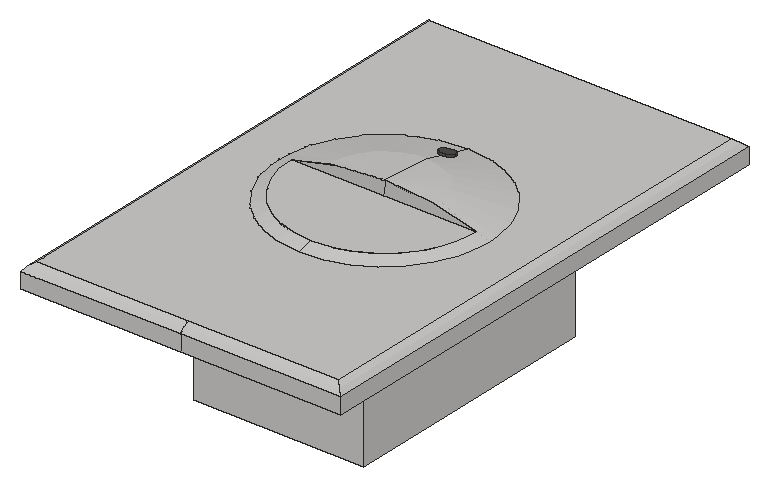
Revit family "NW", category Lighting Fixtures, host Face, Revit 2014
Parameters (values of type "NW-V")
  Width = 5.39"
  Wattage Comments = "2W"
  Wattage = 9.2903 W
  Warranty Notes = "https://hubbellcdn.com/warranty/Hubbell%20Lighting%20Indoor%20Limited%20Warranty%20-%2030%20Jan%202015.pdf"
  Warranty = "• 5 year warranty. Please consult\r\nfactory for details"
  built-in parameter 1150110 = 1 (stored number, unit not read)
  URL = "https://www.hubbell.com/hubbellhealthcaresolutions/en"
  Type Comments = "Light Fixture"  # constant formula
  built-in parameter 1114217 = 1 (stored number, unit not read)
  Tilt Angle = 60.00°
  built-in parameter 1150109 = 1 (stored number, unit not read)
  built-in parameter 1150134 = 3
  built-in parameter 1150113 = 1 (stored number, unit not read)
  Steel = Metal-Hubbell-Galvanized_Steel
  Radius = 3.35275"
  Product Page URL = "https://www.hubbell.com/hubbellhealthcaresolutions/en/Products/Lighting-Controls/Commercial-Indoor-Lighting/Wall-Mount/Niteway/p/2477162"
  Product Doucumentation Link = "https://hubbellcdn.com/specsheet/HHS0029_NITEWAY_SPEC.pdf"
  Photometric Web File = "generic"
  built-in parameter 1150142 = (empty or 0)
  Model = "Niteway"  # constant formula
  Manufacturer = "Healthcare Solutions A unit of Hubbell Lighting"  # constant formula
  built-in parameter 1150105 = 109.82 (stored number, unit not read)
  Lumens = 1380 lm
  built-in parameter 1150115 = 1 (stored number, unit not read)
  built-in parameter 1150137 = (empty or 0)
  built-in parameter 1150139 = (empty or 0)
  Length = 3.39"
  built-in parameter 1150112 = 1 (stored number, unit not read)
  built-in parameter 1150114 = 1 (stored number, unit not read)
  Lamp = "LED"  # constant formula
  Inner Width = 2.80"
  Inner Length = 1.80"
  built-in parameter 1150132 = (empty or 0)
  built-in parameter 1150102 = (empty or 0)
  built-in parameter 1150107 = 3200 (stored number, unit not read)
  built-in parameter 1150138 = (empty or 0)
  built-in parameter 1150106 = 1.0982 (stored number, unit not read)
  built-in parameter 1150104 = 13.8 (stored number, unit not read)
  Dimming Lamp Color Temperature Shift = <None>
  Color Filter = 16777215
  Certification = "UL924 Damp Listed, NFPA 101 and NFPA 70"
  Glass = Glass - Hubbell - White
  Features = "Simple, low-profile form is architecturally-pleasing and can easily be cleaned.\r\nAvailable in either a vertical or horizontal orientation and with either white or amber LEDs.\r\nNo visibly exposed fasteners.\r\nRated for wet location environments.\r\nStandard antimicrobial finish available in three standard colors.\r\nAvailable with optional photocell control."  # constant formula
  Description = "The NiteWay™ patient room night light is the ideal choice for the demands ofhealthcare environments. It combines an aesthetically pleasing form with lowglare performance, rugged durability and water-tight construction. NiteWay is alsosuitable for commercial, hospitality and residential applications."  # constant formula
  Default Elevation = 48.00"
  Copyrights = "© Hubbell Lighting, Inc"
  Contact Us = "https://www.hubbell.com/hubbellhealthcaresolutions/en/contactUs?productId=2477162"
  Body = Paint - Hubbell - Black Matte Textured
  built-in parameter 1114218 = 1 (stored number, unit not read)
  built-in parameter 1150133 = 10 (stored number, unit not read)
  Apparent Load = 2 VA
Types (3): name | Width | Length | Inner Width | Inner Length
  (no name) | 5.39" | 3.39" | 2.80" | 1.80"
  NW-H | 3.39" | 5.39" | 1.80" | 2.80"
  NW-V | 5.39" | 3.39" | 2.80" | 1.80"
Reference planes (in)
  plane 1 "Center (Front/Back)": y = 0
  plane 2: z = 0
  plane 3 "Center (Left/Right)": x = 0
  plane 4: x = -1.695
  plane 5: x = 1.695
  plane 6: y = 2.695
  plane 7: y = -2.695
  plane 8: z = 6.84155
  plane 9: y = -1.4
  plane 10: y = 1.4
  plane 11: x = -0.9
  plane 12: x = 0.9
Forms (in)
  Extrusion 1, solid, material "Metal-Hubbell-Galvanized_Steel" <- "Steel"
    sketch origin (0, 0, 0) x (1, 0, 0) y (0, 1, 0)
      loop
        line (-1.695, 2.695) -> (-1.695, -2.695) -> (0, -2.695) -> (1.695, -2.695) -> (1.695, 2.695) -> (0, 2.695) -> (-1.695, 2.695)
    from 0 to 0.25
  Sweep 2, void
    path origin (0, 0, 0) x (1, 0, 0) y (0, 1, 0)
      loop
        line (1.695, -2.695) -> (1.695, 2.695) -> (0, 2.695) -> (-1.695, 2.695) -> (-1.695, -2.695) -> (0, -2.695) -> (1.695, -2.695)
    profile origin (1.695, 0, 0) x (-1, 0, 0) y (0, 0, 1)
      loop
        line (0, 0.25781) -> (0, 0.1656)
        arc (0, 0.1656) -> (0.04897, 0.21816) -> (0.10887, 0.25781) r 0.30518
        line (0.10887, 0.25781) -> (0, 0.25781)
  Revolve 3, solid, material "Metal-Hubbell-Galvanized_Steel" <- "Steel"
    sketch origin (0, 0, 0) x (0, 1, 0) y (0, 0, 1)
      loop
        line (0, 0.25) -> (1.11425, 0.25)
        arc (1.11425, 0.25) -> (0.5656, 0.39709) -> (0, 0.44946) r 3.35275
        line (0, 0.44946) -> (0, 0.25)
      axis (0, 0.44946) -> (0, 0.25)
    angle from 0 to 360
  Revolve 4, void
    sketch origin (0, 0, 0.04632) x (0, 1, 0) y (0, 0, 1)
      loop
        line (0, 0.25) -> (2.11425, 0.25)
        arc (2.11425, 0.25) -> (1.10591, 0.73554) -> (0, 0.9072) r 3.81048
        line (0, 0.9072) -> (0, 0.25)
      axis (0, 0.9072) -> (0, 0.25)
    angle from 90.06 to 270.06
  Extrusion 5, solid, material "Paint - Hubbell - Black Matte Textured" <- "Body"
    sketch origin (0, -0.05632, 0.21121) x (1, 0, 0) y (0, 0.970356, -0.24168)
      loop
        circle (0, 0.83282) r 0.08019
    from 0.32825 to 0.34713
  Extrusion 6, solid, material "Metal-Hubbell-Galvanized_Steel" <- "Steel"
    sketch origin (0, 0, 0) x (1, 0, 0) y (0, 1, 0)
      loop
        line (-0.9, 1.4) -> (-0.9, -1.4) -> (0.9, -1.4) -> (0.9, 1.4) -> (-0.9, 1.4)
    from 0 to -1.34
Cuts and joins
  Sweep 2 cuts Extrusion 1
  Revolve 4 cuts Revolve 3
  joined: Extrusion 1, Revolve 3
Dimensions and locks (in)
  plane 8 to level = 6.84155"
  plane 6 to plane 7 = 5.39"
  plane 7 to plane 6 = 5.39"
  "Length": plane 4 to plane 5
  "Width": plane 7 to plane 6
  equal spacing: plane 7, plane 1 "Center (Front/Back)", plane 6
  equal spacing: plane 4, plane 3 "Center (Left/Right)", plane 5
  Revolve 3 sketch curve to level = 0.25"
  locked: Revolve 3 sketch curve to Revolve 3 sketch curve at 0.19946
  "Inner Length": plane 11 to plane 12
  equal spacing: plane 11, plane 3 "Center (Left/Right)", plane 12
  equal spacing: plane 9, plane 1 "Center (Front/Back)", plane 10
  "Inner Width": plane 9 to plane 10
  "Radius": radius of Revolve 3 sketch curve
  aligned and locked: plane 2 to host face
  aligned and locked: level to host face
Automatic sketch dimensions
  host sketch curve to host sketch curve = 96.00"  (x2)
  Extrusion 1 sketch curve to plane 4 = 0.00"
  Extrusion 1 sketch curve to plane 3 "Center (Left/Right)" = 0.00"  (x2)
  Extrusion 1 sketch curve to plane 5 = 0.00"
  plane 7 to Extrusion 1 sketch curve = 0.00"
  plane 6 to Extrusion 1 sketch curve = 0.00"
  Sweep 2 sketch curve to plane 4 = 0.00"
  Sweep 2 sketch curve to plane 3 "Center (Left/Right)" = 0.00"  (x2)
  Sweep 2 sketch curve to plane 5 = 0.00"
  plane 7 to Sweep 2 sketch curve = 0.00"
  plane 6 to Sweep 2 sketch curve = 0.00"
  Revolve 4 sketch curve to plane 1 "Center (Front/Back)" = 0.00"  (x2)
  plane 1 "Center (Front/Back)" to Revolve 4 sketch curve = 0.02517"
  level to Revolve 4 sketch curve = 0.29632"
  plane 6 to Revolve 4 sketch curve = 0.58075"
  Revolve 4 sketch curve to level = 2.85688"
  Revolve 4 sketch curve to Revolve 4 sketch curve = 3.00525"
  Revolve 4 sketch curve to plane 8 = 0.20368"
  Sweep 2 sketch curve to profile plane = 0.00"
  Sweep 2 sketch curve to Sweep 2 sketch curve = 0.10887"
  Sweep 2 sketch curve to level = 0.01472"
  Sweep 2 sketch curve to profile plane = 0.24621"
  level to Sweep 2 sketch curve = 0.1656"
  Revolve 3 sketch curve to plane 1 "Center (Front/Back)" = 0.00"  (x2)
  plane 1 "Center (Front/Back)" to Revolve 3 sketch curve = 0.02517"
  Revolve 3 sketch curve to Revolve 3 sketch curve = 3.00525"
  Revolve 3 sketch curve to plane 8 = 0.25"
  Extrusion 5 sketch curve to plane 3 "Center (Left/Right)" = 0.00"
  plane 9 to Extrusion 6 sketch curve = 0.00"
  Extrusion 6 sketch curve to plane 11 = 0.00"
  Extrusion 6 sketch curve to plane 12 = 0.00"
  plane 10 to Extrusion 6 sketch curve = 0.00"
  radius of Extrusion 5 sketch curve = 0.08019"
Connectors (in)
  electrical at (0, 0, 0)
    settings: on cut or joined group of Extrusion 1, Sweep 2, Revolve 3, Revolve 4, index 1, voltage 120 V, apparent load 7 VA, apparent load phase1 0 VA, apparent load phase2 0 VA, apparent load phase3 0 VA, power factor 0.9, load classification "Other", number of poles 1, system type 30, power factor state 1, is connector primary yes, connector utility no, sub classification motor no, connector description "Lighting Connector"
